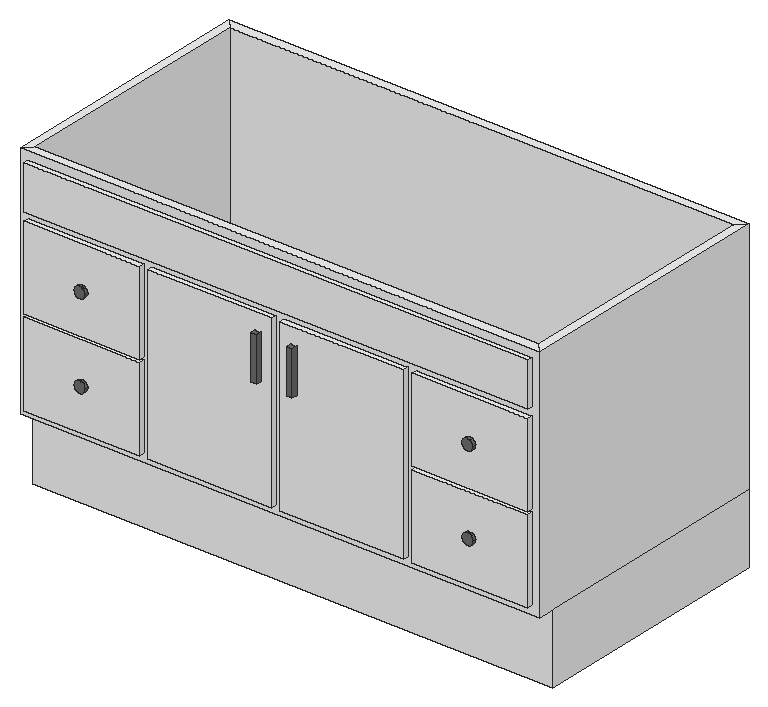
Revit family
Parameters (values of type "1200mm")
  Cabinet Material = none
  Depth = 600 mm
  Door/Drawer Material = none
  Handle Material = Cabinets - Handles
  Height = 710 mm
  Plinth Depth = 35 mm
  Plinth Height = 160 mm
  Width = 1200 mm
Reference planes
  plane 1 "Back": y = 0
  plane 2: z = 0
  plane 3 "Center": x = 90.845
  plane 4 "Left": x = -509.155
  plane 5 "Right": x = 690.845
  plane 6 "Front": y = -600
  plane 7 "Top": z = 710
  plane 8: y = -565
  plane 9: z = 160
  plane 10: z = 690.95
  plane 11: z = 179.05
  plane 12: x = -490.105
  plane 13: x = 671.795
  plane 14: z = 589.35
  plane 15: z = 570.3
  plane 16: z = 532.2
  plane 17: z = 430.6
  plane 18: x = 55.92
  plane 19: x = 43.22
  plane 20: x = 81.32
  plane 21: x = 100.37
  plane 22: x = 386.082
  plane 23: z = 472.488
  plane 24: z = 276.862
  plane 25: z = 374.675
  plane 26: x = -204.393
  plane 27: x = -213.918
  plane 28: x = -223.443
  plane 29: x = 405.132
  plane 30: x = 395.607
  plane 31: x = 538.464
  plane 32: x = -356.774
  plane 33: x = 125.77
  plane 34: x = 138.47
Forms (mm)
  Extrusion 1, solid, material <- "Cabinet Material"
    sketch origin (0, 0, 0) x (1, 0, 0) y (0, 1, 0)
      loop
        line (-509.155, 0) -> (-509.155, -565) -> (690.845, -565) -> (690.845, 0) -> (-509.155, 0)
    from 0 to 160
  Sweep 2, solid, material <- "Cabinet Material"
    path origin (0, 0, 0) x (1, 0, 0) y (0, 1, 0)
      loop
        line (690.845, 0) -> (-509.155, 0) -> (-509.155, -600) -> (690.845, -600) -> (690.845, 0)
    profile origin (0, -300, 0) x (1, 0, 0) y (0, 0, 1)
      loop
        line (690.845, 160) -> (690.845, 710) -> (671.795, 710) -> (671.795, 160) -> (690.845, 160)
  Extrusion 3, solid, material "Cabinets"
    sketch origin (0, 0, 0) x (1, 0, 0) y (0, 1, 0)
      loop
        line (-490.105, -19.05) -> (-490.105, -580.95) -> (671.795, -580.95) -> (671.795, -19.05) -> (-490.105, -19.05)
    from 179.05 to 160
  Extrusion 4, solid, material "Cabinets - Handles" <- "Handle Material"
    sketch origin (0, -600, 0) x (1, 0, 0) y (0, 0, 1)
      loop
        circle (538.464, 276.862) r 12.7
      loop
        circle (538.464, 472.488) r 12.7
    from 12.7 to 19.05
  Extrusion 5, solid, material "Cabinets - Handles" <- "Handle Material"
    sketch origin (0, -600, 0) x (1, 0, 0) y (0, 0, 1)
      loop
        circle (-356.774, 472.488) r 12.7
      loop
        circle (-356.774, 276.862) r 12.7
    from 12.7 to 19.05
  Extrusion 6, solid, material <- "Door/Drawer Material"
    sketch origin (0, -600, 0) x (1, 0, 0) y (0, 0, 1)
      loop
        line (671.795, 690.95) -> (-490.105, 690.95) -> (-490.105, 589.35) -> (671.795, 589.35) -> (671.795, 690.95)
      loop
        line (671.795, 570.3) -> (405.132, 570.3) -> (405.132, 377.85) -> (671.795, 377.85) -> (671.795, 570.3)
      loop
        line (671.795, 179.05) -> (671.795, 371.5) -> (405.132, 371.5) -> (405.132, 179.05) -> (671.795, 179.05)
      loop
        line (-223.443, 570.3) -> (-490.105, 570.3) -> (-490.105, 377.85) -> (-223.443, 377.85) -> (-223.443, 570.3)
      loop
        line (-223.443, 179.05) -> (-223.443, 371.5) -> (-490.105, 371.5) -> (-490.105, 179.05) -> (-223.443, 179.05)
      loop
        line (-204.393, 570.3) -> (-204.393, 179.05) -> (81.32, 179.05) -> (81.32, 570.3) -> (-204.393, 570.3)
      loop
        line (100.37, 570.3) -> (100.37, 179.05) -> (386.082, 179.05) -> (386.082, 570.3) -> (100.37, 570.3)
    from 0 to 12.7
  Extrusion 7, solid, material "Cabinets - Handles" <- "Handle Material"
    sketch origin (0, -600, 0) x (1, 0, 0) y (0, 0, 1)
      loop
        line (43.22, 532.2) -> (43.22, 430.6) -> (55.92, 430.6) -> (55.92, 532.2) -> (43.22, 532.2)
      loop
        line (125.77, 532.2) -> (125.77, 430.6) -> (138.47, 430.6) -> (138.47, 532.2) -> (125.77, 532.2)
    from 12.7 to 25.4
Lines and regions (mm)
  symbolic lines, style "Plan Rep - Below"
    curve 1: line (690.845, -600, 0) -> (-509.155, -600, 0)
    curve 2: line (690.845, 0, 0) -> (690.845, -600, 0)
    curve 3: line (-509.155, 0, 0) -> (690.845, 0, 0)
    curve 4: line (-509.155, -600, 0) -> (-509.155, 0, 0)
  model lines
    curve 5: line (671.795, -600, 589.35) -> (-490.105, -600, 589.35)
    curve 6: line (671.795, -600, 690.95) -> (671.795, -600, 589.35)
    curve 7: line (-490.105, -600, 690.95) -> (671.795, -600, 690.95)
    curve 8: line (-490.105, -600, 589.35) -> (-490.105, -600, 690.95)
    curve 9: line (-490.105, -600, 570.3) -> (-223.443, -600, 570.3)
    curve 10: line (-490.105, -600, 179.05) -> (-490.105, -600, 570.3)
    curve 11: line (43.22, -600, 532.2) -> (55.92, -600, 532.2)
    curve 12: line (43.22, -600, 430.6) -> (43.22, -600, 532.2)
    curve 13: line (55.92, -600, 430.6) -> (43.22, -600, 430.6)
    curve 14: line (55.92, -600, 532.2) -> (55.92, -600, 430.6)
    curve 15: line (81.32, -600, 179.05) -> (81.32, -600, 570.3)
    curve 16: line (81.32, -600, 179.05) -> (-204.393, -600, 179.05)
    curve 22: line (405.132, -600, 570.3) -> (405.132, -600, 179.05)
    curve 23: line (-204.393, -600, 570.3) -> (-204.393, -600, 179.05)
    curve 24: line (-223.443, -600, 570.3) -> (-223.443, -600, 179.05)
    curve 25: line (386.082, -600, 570.3) -> (386.082, -600, 179.05)
    curve 26: line (-223.443, -600, 374.675) -> (-490.105, -600, 374.675)
    curve 27: line (125.77, -600, 532.2) -> (138.47, -600, 532.2)
    curve 28: line (125.77, -600, 430.6) -> (125.77, -600, 532.2)
    curve 29: line (138.47, -600, 430.6) -> (125.77, -600, 430.6)
    curve 30: line (138.47, -600, 532.2) -> (138.47, -600, 430.6)
    curve 33: line (-204.393, -600, 570.3) -> (81.32, -600, 570.3)
    curve 34: line (-223.443, -600, 179.05) -> (-490.105, -600, 179.05)
  model lines, style "Casework"
    curve 17: line (100.37, -600, 179.05) -> (386.082, -600, 179.05)
    curve 18: line (100.37, -600, 570.3) -> (100.37, -600, 179.05)
    curve 19: line (671.795, -600, 570.3) -> (405.132, -600, 570.3)
    curve 20: line (671.795, -600, 179.05) -> (671.795, -600, 570.3)
    curve 21: line (671.795, -600, 374.675) -> (405.132, -600, 374.675)
    curve 31: line (386.082, -600, 570.3) -> (100.37, -600, 570.3)
    curve 32: line (405.132, -600, 179.05) -> (671.795, -600, 179.05)
  symbolic lines, style "Elevation Swing"
    curve 35: line (81.32, 0, 570.3) -> (-204.393, 0, 374.675)
    curve 36: line (-204.393, 0, 374.675) -> (81.32, 0, 179.05)
    curve 37: line (100.37, 0, 179.05) -> (386.082, 0, 374.675)
    curve 38: line (386.082, 0, 374.675) -> (100.37, 0, 570.3)
Dimensions and locks
  "Depth": plane 6 "Front" to plane 1 "Back"
  "Width": plane 4 "Left" to plane 5 "Right"
  equal spacing: plane 4 "Left", plane 3 "Center", plane 5 "Right"
  "Height": level to plane 7 "Top"
  "Plinth Height": plane 2 to plane 9
  "Plinth Depth": plane 6 "Front" to plane 8
  locked: plane 4 "Left" to plane 12 at 19.05
  locked: plane 13 to plane 5 "Right" at 19.05
  locked: plane 7 "Top" to plane 10 at 19.05
  locked: plane 11 to plane 9 at 19.05
  plane 10 to plane 14 to plane 15 = 101.6 mm locked, 19.05 mm locked
  plane 15 to plane 16 to plane 17 = 38.1 mm locked, 101.6 mm locked
  plane 21 to plane 3 "Center" to plane 20 = 9.525 mm locked, 9.525 mm locked
  plane 20 to plane 18 to plane 19 = 25.4 mm locked, 12.7 mm locked
  equal spacing: plane 13, plane 22, plane 21
  locked: plane 2 to level at 0
  equal spacing: plane 14, plane 25, plane 9
  equal spacing: plane 25, plane 24, plane 11
  equal spacing: plane 15, plane 23, plane 25
  plane 26 to plane 27 to plane 28 = 9.525 mm locked, 9.525 mm locked
  equal spacing: plane 20, plane 26, plane 12
  equal spacing: plane 13, plane 31, plane 29
  plane 29 to plane 30 to plane 22 = 9.525 mm locked, 9.525 mm locked
  equal spacing: plane 12, plane 32, plane 28
  plane 21 to plane 33 to plane 34 = 25.4 mm, 12.7 mm
  aligned and locked: plane 1 "Back" to Extrusion 1 sketch curve
  aligned and locked: Extrusion 1 sketch curve to plane 5 "Right"
  aligned and locked: Extrusion 1 sketch curve to plane 8
  aligned and locked: plane 4 "Left" to Extrusion 1 sketch curve
  aligned and locked: Extrusion 1 to level
  aligned and locked: Sweep 2 sketch curve to plane 6 "Front"
  aligned and locked: plane 1 "Back" to Sweep 2 sketch curve
  aligned and locked: Sweep 2 sketch curve to plane 5 "Right"  (x2)
  aligned and locked: plane 4 "Left" to Sweep 2 sketch curve
  aligned and locked: plane 7 "Top" to Sweep 2 sketch curve
  aligned and locked: Sweep 2 sketch curve to plane 9
  aligned and locked: Sweep 2 to Extrusion 3 sketch curve  (x2)
  aligned and locked: Extrusion 3 sketch curve to Sweep 2  (x2)
  aligned and locked: Extrusion 3 to plane 11
  aligned and locked: plane 9 to Extrusion 3
  aligned and locked: Extrusion 1 to plane 9
  aligned and locked: plane 21 to curve 17
  aligned and locked: plane 11 to curve 17
  aligned and locked: plane 15 to curve 20
  aligned and locked: curve 20 to Sweep 2
  aligned and locked: curve 21 to plane 25
Automatic sketch dimensions
  profile plane to Sweep 2 sketch curve = 19.05 mm
  curve 1 to plane 4 "Left" = 0 mm
  curve 3 to plane 1 "Back" = 0 mm
  curve 3 to plane 5 "Right" = 0 mm
  curve 1 to plane 6 "Front" = 0 mm
  Extrusion 4 sketch curve to plane 23 = 0 mm
  Extrusion 4 sketch curve to plane 24 = 0 mm
  Extrusion 4 sketch curve to plane 31 = 0 mm  (x2)
  Extrusion 4 sketch curve to Extrusion 4 sketch curve = 12.7 mm  (x2)
  Extrusion 5 sketch curve to plane 24 = 0 mm
  Extrusion 5 sketch curve to plane 23 = 0 mm
  Extrusion 5 sketch curve to plane 32 = 0 mm  (x2)
  Extrusion 5 sketch curve to Extrusion 5 sketch curve = 12.7 mm  (x2)
  Extrusion 6 sketch curve to plane 12 = 0 mm  (x3)
  Extrusion 6 sketch curve to plane 10 = 0 mm
  Extrusion 6 sketch curve to plane 28 = 0 mm  (x2)
  Extrusion 6 sketch curve to plane 15 = 0 mm  (x4)
  Extrusion 6 sketch curve to plane 26 = 0 mm
  Extrusion 6 sketch curve to plane 11 = 0 mm  (x4)
  Extrusion 6 sketch curve to plane 20 = 0 mm
  Extrusion 6 sketch curve to plane 21 = 0 mm
  Extrusion 6 sketch curve to plane 22 = 0 mm
  Extrusion 6 sketch curve to plane 29 = 0 mm  (x2)
  Extrusion 6 sketch curve to plane 13 = 0 mm  (x3)
  Extrusion 6 sketch curve to plane 14 = 0 mm
  plane 25 to Extrusion 6 sketch curve = 3.175 mm  (x2)
  Extrusion 6 sketch curve to plane 25 = 3.175 mm  (x2)
  Extrusion 7 sketch curve to plane 17 = 0 mm  (x2)
  Extrusion 7 sketch curve to plane 19 = 0 mm
  Extrusion 7 sketch curve to plane 18 = 0 mm
  Extrusion 7 sketch curve to plane 16 = 0 mm  (x2)
  Extrusion 7 sketch curve to plane 33 = 0 mm
  Extrusion 7 sketch curve to plane 34 = 0 mm
  curve 5 to plane 13 = 0 mm
  curve 22 to plane 29 = 0 mm
  curve 31 to plane 15 = 0 mm
  curve 31 to plane 22 = 0 mm
  curve 37 to plane 22 = 0 mm
  curve 27 to plane 16 = 0 mm
  curve 27 to plane 34 = 0 mm
  curve 29 to plane 17 = 0 mm
  curve 29 to plane 33 = 0 mm
  curve 37 to plane 11 = 0 mm
  curve 37 to plane 21 = 0 mm
  curve 38 to plane 15 = 0 mm
  curve 38 to plane 21 = 0 mm
  curve 16 to plane 11 = 0 mm
  curve 16 to plane 20 = 0 mm
  curve 36 to plane 11 = 0 mm
  curve 36 to plane 20 = 0 mm
  curve 35 to plane 15 = 0 mm
  curve 35 to plane 20 = 0 mm
  curve 14 to plane 16 = 0 mm
  curve 14 to plane 18 = 0 mm
  curve 13 to plane 17 = 0 mm
  curve 13 to plane 19 = 0 mm
  curve 23 to plane 11 = 0 mm
  curve 23 to plane 26 = 0 mm
  curve 35 to plane 25 = 0 mm
  curve 35 to plane 26 = 0 mm
  curve 33 to plane 15 = 0 mm
  curve 33 to plane 26 = 0 mm
  curve 16 to plane 26 = 0 mm
  curve 24 to plane 15 = 0 mm
  curve 24 to plane 28 = 0 mm
  curve 9 to plane 15 = 0 mm
  curve 9 to plane 28 = 0 mm
  curve 34 to plane 11 = 0 mm
  curve 34 to plane 28 = 0 mm
  curve 7 to plane 10 = 0 mm
  curve 7 to plane 12 = 0 mm
  curve 26 to plane 12 = 0 mm
  curve 10 to plane 12 = 0 mm
  curve 5 to plane 14 = 0 mm
  curve 23 to plane 15 = 0 mm
  curve 26 to plane 25 = 0 mm
  curve 37 to plane 25 = 0 mm
  curve 20 to plane 11 = 0 mm
  curve 24 to plane 11 = 0 mm
